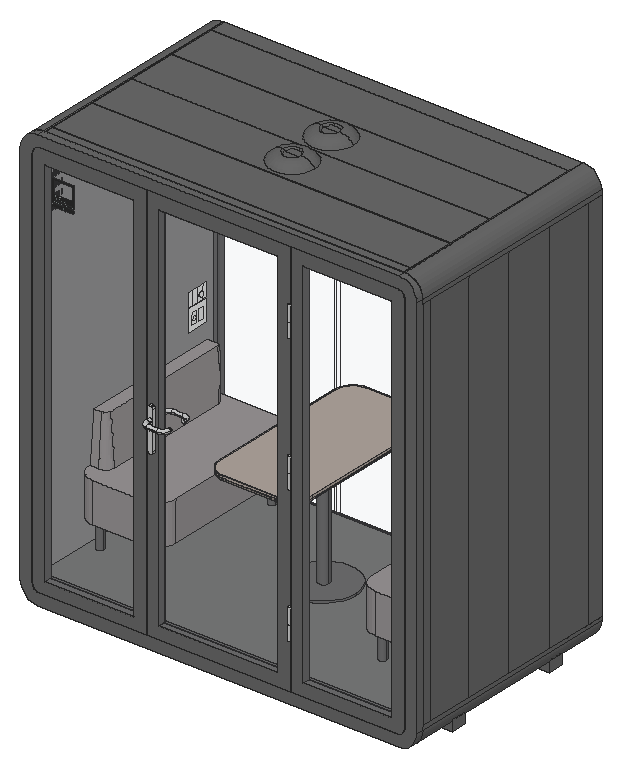
Revit family "MOTTO ML - black", category Entorno, Revit 2023
Family settings
  Se basa en plano de trabajo = No
  Siempre vertical = Sí
  Corte con vacíos al cargar = No
  Origen de apariencia de renderización = Geometría de familia
  Compartido = No
  Punto de cálculo de habitación = No
Parameters
  Altura = 0 mm
Reference planes
  plane 1 "Centro (Frontal/Posterior)": y = 0
  plane 2: z = 0
  plane 3 "Centro (Izquierda/Derecha)": x = 0
Dimensions and locks
  aligned and locked: level to plane 2
Nested families
  nested 1: "Motto ML" at (0, -140, 0), type "ML"
    with Width 2200 mm, White Panel Back (calc) no, Product Category "", OwnedBy "Bureau Spaces LLC", Length 1281 mm, Height 2300 mm, Glass Panel (by default) yes, Domino Black (calc) yes, Domino Black yes, CreatedBy "Bureau Spaces LLC", Cloud White (calc) no, Cloud White no, Black Panel Back (calc) no, BIM Content Publish Date "01.05.2025", BIM Content Copyright "Bureau Spaces LLC"
Definition of nested family "Motto ML"
  Parameters (values of type "ML")
    Width [instance] = 2200 mm
    White Panel Back (calc) [instance] = if([Glass Panel (by default)], 0 > 1, if([Cloud White (calc)], 1 > 0, if([Domino Black (calc)], 0 > 1, 0 > 1)))  # no
    URL = "https://mottobooths.com/products/motto-ml"
    Default Elevation = 0 mm
    Type Comments = "ML"
    Product Category [instance] = ""
    OwnedBy [instance] = "Bureau Spaces LLC"  # constant formula
    Model = "ML"
    Manufacturer = "Bureau Spaces LLC"  # constant formula
    Length [instance] = 1281 mm
    Height [instance] = 2300 mm
    Glass Panel (by default) [instance] = yes
    Domino Black (calc) [instance] = if(Cloud White, 0 > 1, if(Domino Black, 1 > 0, 0 > 1))  # no
    Domino Black [instance] = no
    Description = ""
    CreatedBy [instance] = "Bureau Spaces LLC"  # constant formula
    Cloud White (calc) [instance] = if(Cloud White, 1 > 0, if(Domino Black, 0 > 1, 1 > 0))  # yes
    Cloud White [instance] = yes
    Black Panel Back (calc) [instance] = if([Glass Panel (by default)], 0 > 1, if([Cloud White (calc)], 0 > 1, if([Domino Black (calc)], 1 > 0, 0 > 1)))  # no
    BIM Content Publish Revit Version = "Revit 2019.2"  # constant formula
    BIM Content Publish Date [instance] = "01.05.2025"  # constant formula
    BIM Content Copyright [instance] = "Bureau Spaces LLC"  # constant formula
  Reference planes
    plane 1 "Center (Front/Back)": y = 140
    plane 2: z = 0
    plane 3 "Center (Left/Right)": x = 0
    plane 4: z = 1150
    plane 5: z = 66
    plane 6: z = 2343.15
    plane 7: y = -500.6
    plane 8: y = 780.6
    plane 9: x = -1100
    plane 10: x = 1100
    plane 11: x = -1506.4
    plane 12: x = -918.8
    plane 13: y = -313.11
    plane 14: y = 230.426
  Forms (mm)
    Revolve 1, solid, visible <- "Cloud White (calc)"
      sketch origin (0, 10.45, 198.5) x (1, 0, 0) y (0, 0, 1)
        loop
          line (-43, 2143.15) -> (-23.534, 2143.15)
          arc (-23.534, 2143.15) -> (-16.641, 2159.791) -> (0, 2166.684) r 23.534
          line (0, 2166.684) -> (0, 2176.15) -> (-43, 2176.15) -> (-50, 2183.15)
          arc (-50, 2183.15) -> (-92.258, 2173.074) -> (-123.75, 2143.15) r 83.579
          line (-123.75, 2143.15) -> (-43, 2143.15)
        axis (0, 2183.15) -> (0, 2143.15)
      angle from 0 to 360
    Extrusion 2, solid, visible <- "Cloud White (calc)"
      sketch origin (0, -7.6, 0) x (1, 0, 0) y (0, 0, 1)
        loop
          arc (-1000, 2343.15) -> (-1070.711, 2313.861) -> (-1100, 2243.15) r 100
          line (-1100, 2243.15) -> (-1100, 100)
          arc (-1100, 100) -> (-1070.711, 29.289) -> (-1000, 0) r 100
          line (-1000, 0) -> (1000, 0)
          arc (1000, 0) -> (1070.711, 29.289) -> (1100, 100) r 100
          line (1100, 100) -> (1100, 2243.15)
          arc (1100, 2243.15) -> (1070.711, 2313.861) -> (1000, 2343.15) r 100
          line (1000, 2343.15) -> (-1000, 2343.15)
        loop
          arc (-994, 2277.15) -> (-1022.284, 2265.434) -> (-1034, 2237.15) r 40
          line (-1034, 2237.15) -> (-1034, 106)
          arc (-1034, 106) -> (-1022.284, 77.716) -> (-994, 66) r 40
          line (-994, 66) -> (994, 66)
          arc (994, 66) -> (1022.284, 77.716) -> (1034, 106) r 40
          line (1034, 106) -> (1034, 2237.15)
          arc (1034, 2237.15) -> (1022.284, 2265.434) -> (994, 2277.15) r 40
          line (994, 2277.15) -> (-994, 2277.15)
      from 453 to 493
    Extrusion 3, solid
      sketch origin (-36, -7.6, 0) x (1, 0, 0) y (0, 0, 1)
        loop
          line (-364, 66) -> (436, 66) -> (436, 2277.15) -> (-364, 2277.15) -> (-364, 66)
        loop
          line (-295, 133.345) -> (367, 133.345) -> (367, 2206.495) -> (-295, 2206.495) -> (-295, 133.345)
      from 453 to 493
    Extrusion 4, solid
      sketch origin (-35, -7.6, 0) x (1, 0, 0) y (0, 0, 1)
        loop
          line (-295, 2206.495) -> (-295, 133.345) -> (365, 133.345) -> (365, 2206.495) -> (-295, 2206.495)
      from 453 to 493
    Extrusion 5, solid
      sketch origin (34, -7.6, -8.5) x (1, 0, 0) y (0, 0, 1)
        loop
          arc (-415.56, 1007.975) -> (-400.56, 992.975) -> (-385.56, 1007.975) r 15
          line (-385.56, 1007.975) -> (-385.56, 1217.975)
          arc (-385.56, 1217.975) -> (-400.56, 1232.975) -> (-415.56, 1217.975) r 15
          line (-415.56, 1217.975) -> (-415.56, 1007.975)
      from 493 to 506
    Sweep 6, solid
      path origin (3802.85, -973.996, 1151.5) x (1, 0, 0) y (0, 1, 0)
        loop
          line (-4169.41, 460.396) -> (-4169.41, 436.165)
          arc (-4169.41, 436.165) -> (-4160.623, 414.951) -> (-4139.41, 406.165) r 30
          line (-4139.41, 406.165) -> (-4081.356, 406.165)
          arc (-4081.356, 406.165) -> (-4060.143, 414.951) -> (-4051.356, 436.165) r 30
          line (-4051.356, 436.165) -> (-4051.356, 445.144)
      profile origin (-366.56, -525.715, 1151.5) x (1, 0, 0) y (0, 0, 1)
        loop
          circle (0, 0) r 10
    Extrusion 7, solid
      sketch origin (0, 140, 0) x (1, 0, 0) y (0, 0, 1)
        loop
          line (-1034, 133.345) -> (-1034, 66) -> (1034, 66) -> (1034, 133.345) -> (-1034, 133.345)
      from -590.6 to 600.6
    Sweep 8, solid
      path origin (0, 0, 0) x (1, 0, 0) y (0, 1, 0)
        loop
          line (-1034, 740.6) -> (-1034, -460.6)
      profile origin (-1034, 140, 0) x (1, 0, 0) y (0, 0, 1)
        loop
          line (0, 133.345) -> (10, 133.345) -> (10, 2220.742) -> (0, 2220.742) -> (0, 133.345)
    Extrusion 9, solid, visible <- "Cloud White (calc)"
      sketch origin (0, 140, 2101.655) x (1, 0, 0) y (0, 0, 1)
        loop
          line (-1034, 176.495) -> (-1034, 109.15) -> (1034, 109.15) -> (1034, 176.495) -> (-1034, 176.495)
      from -600.6 to 600.6
    Extrusion 10, solid
      sketch origin (4232.528, -410.969, -247) x (0.707107, 0.707107, 0) y (-0.707107, 0.707107, 0)
        loop
          line (-2439.726, 3905.973) -> (-3004.28, 3341.419)
          arc (-3004.28, 3341.419) -> (-3033.569, 3270.709) -> (-3004.28, 3199.998) r 100
          line (-3004.28, 3199.998) -> (-2785.701, 2981.419)
          arc (-2785.701, 2981.419) -> (-2714.99, 2952.13) -> (-2644.28, 2981.419) r 100
          line (-2644.28, 2981.419) -> (-2079.726, 3545.973)
          arc (-2079.726, 3545.973) -> (-2049.968, 3617.815) -> (-2079.726, 3689.658) r 101.6
          line (-2079.726, 3689.658) -> (-2296.042, 3905.973)
          arc (-2296.042, 3905.973) -> (-2367.884, 3935.731) -> (-2439.726, 3905.973) r 101.6
      from 1060 to 1090
    Extrusion 11, solid
      sketch origin (0, 140, 69.518) x (1, 0, 0) y (0, 0, 1)
        loop
          line (-1035, 73.827) -> (-1035, 63.827) -> (1034, 63.827) -> (1034, 73.827) -> (-1035, 73.827)
      from -600.6 to 600.6
    Extrusion 12, void
      sketch origin (640, -48.081, -44) x (0, 1, 0) y (0, 0, 1)
        loop
          line (-345.519, 2190.382) -> (-345.519, 2165.382)
          arc (-345.519, 2165.382) -> (-338.019, 2157.882) -> (-330.519, 2165.382) r 7.5
          line (-330.519, 2165.382) -> (-330.519, 2190.382)
          arc (-330.519, 2190.382) -> (-338.019, 2197.882) -> (-345.519, 2190.382) r 7.5
        loop
          line (-325.519, 2190.382) -> (-325.519, 2165.382)
          arc (-325.519, 2165.382) -> (-318.019, 2157.882) -> (-310.519, 2165.382) r 7.5
          line (-310.519, 2165.382) -> (-310.519, 2190.382)
          arc (-310.519, 2190.382) -> (-318.019, 2197.882) -> (-325.519, 2190.382) r 7.5
        loop
          line (-305.519, 2190.382) -> (-305.519, 2165.382)
          arc (-305.519, 2165.382) -> (-298.019, 2157.882) -> (-290.519, 2165.382) r 7.5
          line (-290.519, 2165.382) -> (-290.519, 2190.382)
          arc (-290.519, 2190.382) -> (-298.019, 2197.882) -> (-305.519, 2190.382) r 7.5
        loop
          line (-285.519, 2190.382) -> (-285.519, 2165.382)
          arc (-285.519, 2165.382) -> (-278.019, 2157.882) -> (-270.519, 2165.382) r 7.5
          line (-270.519, 2165.382) -> (-270.519, 2190.382)
          arc (-270.519, 2190.382) -> (-278.019, 2197.882) -> (-285.519, 2190.382) r 7.5
        loop
          line (-265.519, 2190.382) -> (-265.519, 2165.382)
          arc (-265.519, 2165.382) -> (-258.019, 2157.882) -> (-250.519, 2165.382) r 7.5
          line (-250.519, 2165.382) -> (-250.519, 2190.382)
          arc (-250.519, 2190.382) -> (-258.019, 2197.882) -> (-265.519, 2190.382) r 7.5
        loop
          line (-345.519, 2135.382) -> (-345.519, 2110.382)
          arc (-345.519, 2110.382) -> (-338.019, 2102.882) -> (-330.519, 2110.382) r 7.5
          line (-330.519, 2110.382) -> (-330.519, 2135.382)
          arc (-330.519, 2135.382) -> (-338.019, 2142.882) -> (-345.519, 2135.382) r 7.5
        loop
          line (-325.519, 2135.382) -> (-325.519, 2110.382)
          arc (-325.519, 2110.382) -> (-318.019, 2102.882) -> (-310.519, 2110.382) r 7.5
          line (-310.519, 2110.382) -> (-310.519, 2135.382)
          arc (-310.519, 2135.382) -> (-318.019, 2142.882) -> (-325.519, 2135.382) r 7.5
        loop
          line (-305.519, 2135.382) -> (-305.519, 2110.382)
          arc (-305.519, 2110.382) -> (-298.019, 2102.882) -> (-290.519, 2110.382) r 7.5
          line (-290.519, 2110.382) -> (-290.519, 2135.382)
          arc (-290.519, 2135.382) -> (-298.019, 2142.882) -> (-305.519, 2135.382) r 7.5
        loop
          line (-285.519, 2135.382) -> (-285.519, 2110.382)
          arc (-285.519, 2110.382) -> (-278.019, 2102.882) -> (-270.519, 2110.382) r 7.5
          line (-270.519, 2110.382) -> (-270.519, 2135.382)
          arc (-270.519, 2135.382) -> (-278.019, 2142.882) -> (-285.519, 2135.382) r 7.5
        loop
          line (-265.519, 2135.382) -> (-265.519, 2110.382)
          arc (-265.519, 2110.382) -> (-258.019, 2102.882) -> (-250.519, 2110.382) r 7.5
          line (-250.519, 2110.382) -> (-250.519, 2135.382)
          arc (-250.519, 2135.382) -> (-258.019, 2142.882) -> (-265.519, 2135.382) r 7.5
        loop
          line (-345.519, 2080.382) -> (-345.519, 2055.382)
          arc (-345.519, 2055.382) -> (-338.019, 2047.882) -> (-330.519, 2055.382) r 7.5
          line (-330.519, 2055.382) -> (-330.519, 2080.382)
          arc (-330.519, 2080.382) -> (-338.019, 2087.882) -> (-345.519, 2080.382) r 7.5
        loop
          line (-325.519, 2080.382) -> (-325.519, 2055.382)
          arc (-325.519, 2055.382) -> (-318.019, 2047.882) -> (-310.519, 2055.382) r 7.5
          line (-310.519, 2055.382) -> (-310.519, 2080.382)
          arc (-310.519, 2080.382) -> (-318.019, 2087.882) -> (-325.519, 2080.382) r 7.5
        loop
          line (-305.519, 2080.382) -> (-305.519, 2055.382)
          arc (-305.519, 2055.382) -> (-298.019, 2047.882) -> (-290.519, 2055.382) r 7.5
          line (-290.519, 2055.382) -> (-290.519, 2080.382)
          arc (-290.519, 2080.382) -> (-298.019, 2087.882) -> (-305.519, 2080.382) r 7.5
        loop
          line (-285.519, 2080.382) -> (-285.519, 2055.382)
          arc (-285.519, 2055.382) -> (-278.019, 2047.882) -> (-270.519, 2055.382) r 7.5
          line (-270.519, 2055.382) -> (-270.519, 2080.382)
          arc (-270.519, 2080.382) -> (-278.019, 2087.882) -> (-285.519, 2080.382) r 7.5
        loop
          line (-265.519, 2080.382) -> (-265.519, 2055.382)
          arc (-265.519, 2055.382) -> (-258.019, 2047.882) -> (-250.519, 2055.382) r 7.5
          line (-250.519, 2055.382) -> (-250.519, 2080.382)
          arc (-250.519, 2080.382) -> (-258.019, 2087.882) -> (-265.519, 2080.382) r 7.5
        loop
          line (-345.519, 2025.382) -> (-345.519, 2000.382)
          arc (-345.519, 2000.382) -> (-338.019, 1992.882) -> (-330.519, 2000.382) r 7.5
          line (-330.519, 2000.382) -> (-330.519, 2025.382)
          arc (-330.519, 2025.382) -> (-338.019, 2032.882) -> (-345.519, 2025.382) r 7.5
        loop
          line (-325.519, 2025.382) -> (-325.519, 2000.382)
          arc (-325.519, 2000.382) -> (-318.019, 1992.882) -> (-310.519, 2000.382) r 7.5
          line (-310.519, 2000.382) -> (-310.519, 2025.382)
          arc (-310.519, 2025.382) -> (-318.019, 2032.882) -> (-325.519, 2025.382) r 7.5
        loop
          line (-305.519, 2025.382) -> (-305.519, 2000.382)
          arc (-305.519, 2000.382) -> (-298.019, 1992.882) -> (-290.519, 2000.382) r 7.5
          line (-290.519, 2000.382) -> (-290.519, 2025.382)
          arc (-290.519, 2025.382) -> (-298.019, 2032.882) -> (-305.519, 2025.382) r 7.5
        loop
          line (-285.519, 2025.382) -> (-285.519, 2000.382)
          arc (-285.519, 2000.382) -> (-278.019, 1992.882) -> (-270.519, 2000.382) r 7.5
          line (-270.519, 2000.382) -> (-270.519, 2025.382)
          arc (-270.519, 2025.382) -> (-278.019, 2032.882) -> (-285.519, 2025.382) r 7.5
        loop
          line (-265.519, 2025.382) -> (-265.519, 2000.382)
          arc (-265.519, 2000.382) -> (-258.019, 1992.882) -> (-250.519, 2000.382) r 7.5
          line (-250.519, 2000.382) -> (-250.519, 2025.382)
          arc (-250.519, 2025.382) -> (-258.019, 2032.882) -> (-265.519, 2025.382) r 7.5
        loop
          line (-345.519, 1970.382) -> (-345.519, 1945.382)
          arc (-345.519, 1945.382) -> (-338.019, 1937.882) -> (-330.519, 1945.382) r 7.5
          line (-330.519, 1945.382) -> (-330.519, 1970.382)
          arc (-330.519, 1970.382) -> (-338.019, 1977.882) -> (-345.519, 1970.382) r 7.5
        loop
          line (-325.519, 1970.382) -> (-325.519, 1945.382)
          arc (-325.519, 1945.382) -> (-318.019, 1937.882) -> (-310.519, 1945.382) r 7.5
          line (-310.519, 1945.382) -> (-310.519, 1970.382)
          arc (-310.519, 1970.382) -> (-318.019, 1977.882) -> (-325.519, 1970.382) r 7.5
        loop
          line (-305.519, 1970.382) -> (-305.519, 1945.382)
          arc (-305.519, 1945.382) -> (-298.019, 1937.882) -> (-290.519, 1945.382) r 7.5
          line (-290.519, 1945.382) -> (-290.519, 1970.382)
          arc (-290.519, 1970.382) -> (-298.019, 1977.882) -> (-305.519, 1970.382) r 7.5
        loop
          line (-285.519, 1970.382) -> (-285.519, 1945.382)
          arc (-285.519, 1945.382) -> (-278.019, 1937.882) -> (-270.519, 1945.382) r 7.5
          line (-270.519, 1945.382) -> (-270.519, 1970.382)
          arc (-270.519, 1970.382) -> (-278.019, 1977.882) -> (-285.519, 1970.382) r 7.5
        loop
          line (-265.519, 1970.382) -> (-265.519, 1945.382)
          arc (-265.519, 1945.382) -> (-258.019, 1937.882) -> (-250.519, 1945.382) r 7.5
          line (-250.519, 1945.382) -> (-250.519, 1970.382)
          arc (-250.519, 1970.382) -> (-258.019, 1977.882) -> (-265.519, 1970.382) r 7.5
      from -1814.577 to 561
    Extrusion 13, solid, visible <- "Cloud White (calc)"
      sketch origin (0, 21.645, 0) x (1, 0, 0) y (0, 0, 1)
        loop
          line (-1090.921, 58.367) -> (-1090.921, -6.709) -> (-963.421, -6.709) -> (-963.421, 0) -> (-1000, 0)
          arc (-1000, 0) -> (-1054.022, 15.847) -> (-1090.921, 58.367) r 100
        loop
          arc (1090.921, 58.367) -> (1054.022, 15.847) -> (1000, 0) r 100
          line (1000, 0) -> (963.421, 0) -> (963.421, -6.709) -> (1090.921, -6.709) -> (1090.921, 58.367)
      from 175.645 to 258.645
    Sweep 14, void
      path origin (-1248.157, -498.753, 0) x (0.707107, -0.707107, 0) y (0.707107, 0.707107, 0)
        loop
          line (-92.616, 1497.778) -> (471.938, 933.224)
          arc (471.938, 933.224) -> (542.648, 903.934) -> (613.359, 933.224) r 100
          line (613.359, 933.224) -> (831.938, 1151.802)
          arc (831.938, 1151.802) -> (861.227, 1222.513) -> (831.938, 1293.224) r 100
          line (831.938, 1293.224) -> (267.384, 1857.778)
          arc (267.384, 1857.778) -> (196.673, 1887.067) -> (125.962, 1857.778) r 100
          line (125.962, 1857.778) -> (-92.616, 1639.199)
          arc (-92.616, 1639.199) -> (-121.906, 1568.488) -> (-92.616, 1497.778) r 100
      profile origin (-254.558, 226.625, 0) x (1, 0, 0) y (0, 0, 1)
        loop
          line (0, 851.781) -> (-16.25, 851.781) -> (-16.25, 805.531) -> (20, 805.531) -> (20, 811.781)
          arc (20, 811.781) -> (5.858, 817.639) -> (0, 831.781) r 20
          line (0, 831.781) -> (0, 851.781)
    Extrusion 15, solid
      sketch origin (-827, -7.6, 0) x (-1, 0, 0) y (0, 0, -1)
        loop
          line (-427, -66) -> (-427, -2277.15) -> (166.955, -2277.15)
          arc (166.955, -2277.15) -> (195.271, -2265.421) -> (207, -2237.105) r 40.045
          line (207, -2237.105) -> (207, -105.899)
          arc (207, -105.899) -> (195.314, -77.686) -> (167.101, -66) r 39.899
          line (167.101, -66) -> (-427, -66)
        loop
          line (-357, -133.345) -> (-357, -2206.495) -> (137, -2206.495) -> (137, -133.345) -> (-357, -133.345)
        loop
          line (-1227, -66) -> (-1821.101, -66)
          arc (-1821.101, -66) -> (-1849.314, -77.686) -> (-1861, -105.899) r 39.899
          line (-1861, -105.899) -> (-1861, -2237.105)
          arc (-1861, -2237.105) -> (-1849.271, -2265.421) -> (-1820.955, -2277.15) r 40.045
          line (-1820.955, -2277.15) -> (-1227, -2277.15) -> (-1227, -66)
        loop
          line (-1297, -133.345) -> (-1791, -133.345) -> (-1791, -2206.495) -> (-1297, -2206.495) -> (-1297, -133.345)
      from 453 to 493
    Extrusion 16, solid
      sketch origin (-2798.55, 455.495, 145.853) x (-1, 0, 0) y (0, -1, 0)
        loop
          line (-2154.55, -275.105) -> (-1774.55, -275.105) -> (-1774.55, 570.095)
          arc (-1774.55, 570.095) -> (-1803.84, 640.806) -> (-1874.55, 670.095) r 100
          line (-1874.55, 670.095) -> (-2154.55, 670.095)
          arc (-2154.55, 670.095) -> (-2225.261, 640.806) -> (-2254.55, 570.095) r 100
          line (-2254.55, 570.095) -> (-2254.55, -175.105)
          arc (-2254.55, -175.105) -> (-2225.261, -245.816) -> (-2154.55, -275.105) r 100
      from 157.492 to 377.492
    Revolve 17, solid, visible <- "Cloud White (calc)"
      sketch origin (0, 279.7, 198.5) x (1, 0, 0) y (0, 0, -1)
        loop
          line (-43, -2143.15) -> (-123.75, -2143.15)
          arc (-123.75, -2143.15) -> (-92.258, -2173.074) -> (-50, -2183.15) r 83.579
          line (-50, -2183.15) -> (-43, -2176.15) -> (0, -2176.15) -> (0, -2166.684)
          arc (0, -2166.684) -> (-16.641, -2159.791) -> (-23.534, -2143.15) r 23.534
          line (-23.534, -2143.15) -> (-43, -2143.15)
        axis (0, -2183.15) -> (0, -2143.15)
      angle from 0 to 360
    Extrusion 18, solid, visible <- "Cloud White (calc)"
      sketch origin (0, 692.645, 0) x (1, 0, 0) y (0, 0, 1)
        loop
          line (-1090.921, 58.367) -> (-1090.921, -6.709) -> (-963.421, -6.709) -> (-963.421, 0) -> (-1000, 0)
          arc (-1000, 0) -> (-1054.022, 15.847) -> (-1090.921, 58.367) r 100
        loop
          arc (1090.921, 58.367) -> (1054.022, 15.847) -> (1000, 0) r 100
          line (1000, 0) -> (963.421, 0) -> (963.421, -6.709) -> (1090.921, -6.709) -> (1090.921, 58.367)
      from 175.645 to 258.645
    Extrusion 19, solid
      sketch origin (3102.453, 15.6, 43.15) x (1, 0, 0) y (0, 1, 0)
        loop
          arc (-3222.453, 9.4) -> (-3220.988, 5.864) -> (-3217.453, 4.4) r 5
          line (-3217.453, 4.4) -> (-2987.453, 4.4)
          arc (-2987.453, 4.4) -> (-2983.917, 5.864) -> (-2982.453, 9.4) r 5
          line (-2982.453, 9.4) -> (-2982.453, 239.4)
          arc (-2982.453, 239.4) -> (-2983.917, 242.936) -> (-2987.453, 244.4) r 5
          line (-2987.453, 244.4) -> (-3217.453, 244.4)
          arc (-3217.453, 244.4) -> (-3220.988, 242.936) -> (-3222.453, 239.4) r 5
          line (-3222.453, 239.4) -> (-3222.453, 9.4)
      from 2155 to 2167.655
    Extrusion 20, solid
      sketch origin (-835, -7.6, 0) x (1, 0, 0) y (0, 0, 1)
        loop
          line (-129, 2206.495) -> (-129, 133.345) -> (365, 133.345) -> (365, 2206.495) -> (-129, 2206.495)
      from 453 to 493
    Extrusion 21, solid
      sketch origin (835, -7.6, 0) x (-1, 0, 0) y (0, 0, -1)
        loop
          line (-129, -2206.495) -> (365, -2206.495) -> (365, -133.345) -> (-129, -133.345) -> (-129, -2206.495)
      from 453 to 493
    Extrusion 22, solid
      sketch origin (0, 0, 61.685) x (1, 0, 0) y (0, 1, 0)
        loop
          line (-924, -64.6) -> (-924, 645.733)
          arc (-924, 645.733) -> (-938.645, 681.089) -> (-974, 695.733) r 50
          line (-974, 695.733) -> (-1024, 695.733) -> (-1024, -114.6) -> (-974, -114.6)
          arc (-974, -114.6) -> (-938.645, -99.955) -> (-924, -64.6) r 50
      from 461.66 to 731.66
    Sweep 23, void
      path origin (0, -25, 523.345) x (1, 0, 0) y (0, 1, 0)
        loop
          line (-1024, -89.6) -> (-974, -89.6)
          arc (-974, -89.6) -> (-938.645, -74.955) -> (-924, -39.6) r 50
          line (-924, -39.6) -> (-924, 705.6)
          arc (-924, 705.6) -> (-938.645, 740.955) -> (-974, 755.6) r 50
          line (-974, 755.6) -> (-1024, 755.6)
      profile origin (-938.645, -99.955, 523.345) x (-0.707107, 0.707107, 0) y (0, 0, 1)
        loop
          line (0, 0) -> (25, 270) -> (-5.086, 270) -> (-30.086, 0) -> (0, 0)
    Extrusion 24, solid
      sketch origin (0, 170.426, 0) x (1, 0, 0) y (0, 1, 0)
        loop
          circle (0, 60) r 30
      from 153.345 to 813
    Extrusion 25, solid
      sketch origin (0, 170.426, -661.088) x (1, 0, 0) y (0, 1, 0)
        loop
          circle (0, 60) r 177.8
      from 804.433 to 814.433
    Extrusion 26, solid
      sketch origin (0, -613, 0) x (1, 0, 0) y (0, 0, 1)
        loop
          line (-1024, 2210.805) -> (-1024, 2190.805) -> (-1004, 2190.805) -> (-1004, 2210.805) -> (-1024, 2210.805)
        loop
          line (1024, 2210.805) -> (1004, 2210.805) -> (1004, 2190.805) -> (1024, 2190.805) -> (1024, 2210.805)
      from -1353.6 to -152.4
    Extrusion 27, solid
      sketch origin (2798.55, 455.495, -74.147) x (1, 0, 0) y (0, 1, 0)
        loop
          circle (-2181.176, -587.264) r 20
        loop
          circle (-2181.176, 187.936) r 20
        loop
          circle (-1847.925, -587.264) r 20
        loop
          circle (-1847.925, 187.936) r 20
        loop
          circle (-3415.925, -587.264) r 20
        loop
          circle (-3415.925, 187.936) r 20
        loop
          circle (-3749.176, -587.264) r 20
        loop
          circle (-3749.176, 187.936) r 20
      from 217.492 to 377.492
    Extrusion 28, solid, visible <- "Cloud White (calc)"
      sketch origin (-1534, -995.644, 0) x (-1, 0, 0) y (0, -1, 0)
        loop
          line (-501, -860.217) -> (-434, -860.217) -> (-434, -585.044) -> (-501, -585.044) -> (-501, -860.217)
      from 122.408 to 2220.742
    Extrusion 29, solid, visible <- "Cloud White (calc)"
      sketch origin (-600, 180, 0) x (1, 0, 0) y (0, 0, 1)
        loop
          line (-395, 2278.15) -> (-395, 2343.15) -> (-400, 2343.15)
          arc (-400, 2343.15) -> (-470.711, 2313.861) -> (-500, 2243.15) r 100
          line (-500, 2243.15) -> (-500, 2220.742) -> (-435, 2220.742) -> (-435, 2238.15)
          arc (-435, 2238.15) -> (-423.284, 2266.434) -> (-395, 2278.15) r 40
        loop
          arc (1595, 2278.15) -> (1623.284, 2266.434) -> (1635, 2238.15) r 40
          line (1635, 2238.15) -> (1635, 2220.742) -> (1700, 2220.742) -> (1700, 2243.15)
          arc (1700, 2243.15) -> (1670.711, 2313.861) -> (1600, 2343.15) r 100
          line (1600, 2343.15) -> (1595, 2343.15) -> (1595, 2278.15)
        loop
          arc (-395, 65) -> (-423.284, 76.716) -> (-435, 105) r 40
          line (-435, 105) -> (-435, 122.408) -> (-500, 122.408) -> (-500, 100)
          arc (-500, 100) -> (-470.711, 29.289) -> (-400, 0) r 100
          line (-400, 0) -> (-395, 0) -> (-395, 65)
        loop
          line (1595, 65) -> (1595, 0) -> (1600, 0)
          arc (1600, 0) -> (1670.711, 29.289) -> (1700, 100) r 100
          line (1700, 100) -> (1700, 122.408) -> (1635, 122.408) -> (1635, 105)
          arc (1635, 105) -> (1623.284, 76.716) -> (1595, 65) r 40
      from -600.6 to 640.6
    Extrusion 30, solid, visible <- "Cloud White (calc)"
      sketch origin (1534, -995.644, 0) x (1, 0, 0) y (0, 1, 0)
        loop
          line (-501, 860.217) -> (-501, 585.044) -> (-434, 585.044) -> (-434, 860.217) -> (-501, 860.217)
      from 122.408 to 2220.742
    Extrusion 31, solid, visible <- "Cloud White (calc)"
      sketch origin (-1534, 418.664, 0) x (-1, 0, 0) y (0, -1, 0)
        loop
          line (-501, -361.936) -> (-434, -361.936) -> (-434, -272.573) -> (-501, -272.573) -> (-501, -361.936)
      from 122.408 to 2220.742
    Extrusion 32, solid, visible <- "Cloud White (calc)"
      sketch origin (-1534, -1276.844, 0) x (-1, 0, 0) y (0, -1, 0)
        loop
          line (-501, -866.244) -> (-434, -866.244) -> (-434, -816.244) -> (-501, -816.244) -> (-501, -866.244)
      from 122.408 to 2220.742
    Extrusion 33, solid, visible <- "Cloud White (calc)"
      sketch origin (1389, -251.882, 43.15) x (1, 0, 0) y (0, 1, 0)
        loop
          line (-394, 116.455) -> (-2384, 116.455) -> (-2384, -159.1) -> (-394, -159.1) -> (-394, 116.455)
      from 2235 to 2300
    Extrusion 34, solid, visible <- "Cloud White (calc)"
      sketch origin (1389, 1154.755, 43.15) x (1, 0, 0) y (0, 1, 0)
        loop
          line (-394, -374.155) -> (-2384, -374.155) -> (-2384, -463.9) -> (-394, -463.9) -> (-394, -374.155)
      from 2235 to 2300
    Extrusion 35, solid, visible <- "Cloud White (calc)"
      sketch origin (1534, 418.664, 0) x (1, 0, 0) y (0, 1, 0)
        loop
          line (-501, 361.936) -> (-501, 272.573) -> (-434, 272.573) -> (-434, 361.936) -> (-501, 361.936)
      from 122.408 to 2220.742
    Extrusion 36, solid, visible <- "Cloud White (calc)"
      sketch origin (1534, -1276.844, 0) x (1, 0, 0) y (0, 1, 0)
        loop
          line (-501, 866.244) -> (-501, 816.244) -> (-434, 816.244) -> (-434, 866.244) -> (-501, 866.244)
      from 122.408 to 2220.742
    Sweep 37, solid
      path origin (0, -3.175, 0) x (1, 0, 0) y (0, 1, 0)
        loop
          line (-254.558, 630.251) -> (-254.558, -169.4)
          arc (-254.558, -169.4) -> (-225.269, -240.111) -> (-154.558, -269.4) r 100
          line (-154.558, -269.4) -> (154.558, -269.4)
          arc (154.558, -269.4) -> (225.269, -240.111) -> (254.558, -169.4) r 100
          line (254.558, -169.4) -> (254.558, 630.251)
          arc (254.558, 630.251) -> (225.269, 700.962) -> (154.558, 730.251) r 100
          line (154.558, 730.251) -> (-154.558, 730.251)
          arc (-154.558, 730.251) -> (-225.269, 700.962) -> (-254.558, 630.251) r 100
      profile origin (-254.558, 227.251, 0) x (1, 0, 0) y (0, 0, 1)
        loop
          line (0, 831.781) -> (0, 843) -> (-2, 843) -> (-2, 831.781)
          arc (-2, 831.781) -> (2.178, 818.883) -> (13.125, 810.883) r 22
          line (13.125, 810.883) -> (13.125, 813)
          arc (13.125, 813) -> (3.606, 820.325) -> (0, 831.781) r 20
    Extrusion 38, solid, visible <- "Glass Panel (by default)"
      sketch origin (-87.057, 219.156, 0) x (-1, 0, 0) y (0, -1, 0)
        loop
          line (-1082.057, -561.444) -> (-434, -561.444) -> (-434, -521.444) -> (-1082.057, -521.444) -> (-1082.057, -561.444)
      from 122.408 to 2220.742
    Extrusion 39, solid, visible <- "Glass Panel (by default)"
      sketch origin (-710.057, 219.156, 0) x (-1, 0, 0) y (0, -1, 0)
        loop
          line (-1057, -561.444) -> (-363.115, -561.444) -> (-363.115, -521.444) -> (-1057, -521.444) -> (-1057, -561.444)
      from 122.408 to 2220.742
    Extrusion 40, solid, visible <- "Glass Panel (by default)"
      sketch origin (-1403.943, 219.156, 0) x (-1, 0, 0) y (0, -1, 0)
        loop
          line (-1057, -561.444) -> (-408.943, -561.444) -> (-408.943, -536.444) -> (-1057, -536.444) -> (-1057, -561.444)
      from 122.408 to 2220.742
    Extrusion 41, solid, visible <- "Cloud White (calc)"
      sketch origin (0, -12.4, 0) x (1, 0, 0) y (0, 0, 1)
        loop
          line (995, 2278.15) -> (-995, 2278.15)
          arc (-995, 2278.15) -> (-1023.284, 2266.434) -> (-1035, 2238.15) r 40
          line (-1035, 2238.15) -> (-1035, 105)
          arc (-1035, 105) -> (-1026.269, 80.055) -> (-1003.888, 66) r 40
          line (-1003.888, 66) -> (1003.888, 66)
          arc (1003.888, 66) -> (1026.269, 80.055) -> (1035, 105) r 40
          line (1035, 105) -> (1035, 2238.15)
          arc (1035, 2238.15) -> (1023.284, 2266.434) -> (995, 2278.15) r 40
        loop
          line (995, 2220.742) -> (-995, 2220.742) -> (-995, 122.408) -> (995, 122.408) -> (995, 2220.742)
      from -793 to -753
    Extrusion 42, solid, visible <- "Cloud White (calc)"
      sketch origin (1389, 1154.755, -2233.987) x (0, -1, 0) y (1, 0, 0)
        loop
          line (374.155, -394) -> (374.155, -2384) -> (463.9, -2384) -> (463.9, -394) -> (374.155, -394)
      from 2233.987 to 2300
    Extrusion 43, solid, visible <- "Cloud White (calc)"
      sketch origin (1389, -341.627, -2233.987) x (0, -1, 0) y (1, 0, 0)
        loop
          line (69.355, -394) -> (69.355, -2384) -> (118.973, -2384) -> (118.973, -394) -> (69.355, -394)
      from 2233.987 to 2300
    Extrusion 44, solid
      sketch origin (-172, -253.273, -31.411) x (1, 0, 0) y (0, 1, 0)
        loop
          circle (572, -255.327) r 8
      from 1862.49 to 1944.105
    Extrusion 45, solid
      sketch origin (-172, -253.273, 50.203) x (1, 0, 0) y (0, 1, 0)
        loop
          circle (572, -255.327) r 8
      from 1862.49 to 1944.105
    Extrusion 46, solid
      sketch origin (-172, -253.273, -784.395) x (1, 0, 0) y (0, 1, 0)
        loop
          circle (572, -255.327) r 8
      from 1862.49 to 1944.105
    Extrusion 47, solid
      sketch origin (-172, -253.273, -702.78) x (1, 0, 0) y (0, 1, 0)
        loop
          circle (572, -255.327) r 8
      from 1862.49 to 1944.105
    Extrusion 48, solid
      sketch origin (-172, -253.273, -1536.895) x (1, 0, 0) y (0, 1, 0)
        loop
          circle (572, -255.327) r 8
      from 1862.49 to 1944.105
    Extrusion 49, solid
      sketch origin (-172, -253.273, -1455.28) x (1, 0, 0) y (0, 1, 0)
        loop
          circle (572, -255.327) r 8
      from 1862.49 to 1944.105
    Extrusion 50, solid
      sketch origin (0, 0, 43.15) x (1, 0, 0) y (0, 1, 0)
        loop
          line (-115, 20) -> (115, 20)
          arc (115, 20) -> (118.536, 21.464) -> (120, 25) r 5
          line (120, 25) -> (120, 255)
          arc (120, 255) -> (118.536, 258.536) -> (115, 260) r 5
          line (115, 260) -> (-115, 260)
          arc (-115, 260) -> (-118.536, 258.536) -> (-120, 255) r 5
          line (-120, 255) -> (-120, 25)
          arc (-120, 25) -> (-118.536, 21.464) -> (-115, 20) r 5
        loop
          line (115, 265) -> (-115, 265)
          arc (-115, 265) -> (-122.071, 262.071) -> (-125, 255) r 10
          line (-125, 255) -> (-125, 25)
          arc (-125, 25) -> (-122.071, 17.929) -> (-115, 15) r 10
          line (-115, 15) -> (115, 15)
          arc (115, 15) -> (122.071, 17.929) -> (125, 25) r 10
          line (125, 25) -> (125, 255)
          arc (125, 255) -> (122.071, 262.071) -> (115, 265) r 10
      from 2155 to 2167.655
    Extrusion 51, void
      sketch origin (0, 562.847, 0) x (-1, 0, 0) y (0, -1, 0)
        loop
          line (408.067, 324.134) -> (433.067, 324.134)
          arc (433.067, 324.134) -> (440.567, 331.634) -> (433.067, 339.134) r 7.5
          line (433.067, 339.134) -> (408.067, 339.134)
          arc (408.067, 339.134) -> (400.567, 331.634) -> (408.067, 324.134) r 7.5
        loop
          line (408.067, 304.134) -> (433.067, 304.134)
          arc (433.067, 304.134) -> (440.567, 311.634) -> (433.067, 319.134) r 7.5
          line (433.067, 319.134) -> (408.067, 319.134)
          arc (408.067, 319.134) -> (400.567, 311.634) -> (408.067, 304.134) r 7.5
        loop
          line (408.067, 284.134) -> (433.067, 284.134)
          arc (433.067, 284.134) -> (440.567, 291.634) -> (433.067, 299.134) r 7.5
          line (433.067, 299.134) -> (408.067, 299.134)
          arc (408.067, 299.134) -> (400.567, 291.634) -> (408.067, 284.134) r 7.5
        loop
          line (408.067, 264.134) -> (433.067, 264.134)
          arc (433.067, 264.134) -> (440.567, 271.634) -> (433.067, 279.134) r 7.5
          line (433.067, 279.134) -> (408.067, 279.134)
          arc (408.067, 279.134) -> (400.567, 271.634) -> (408.067, 264.134) r 7.5
        loop
          line (408.067, 244.134) -> (433.067, 244.134)
          arc (433.067, 244.134) -> (440.567, 251.634) -> (433.067, 259.134) r 7.5
          line (433.067, 259.134) -> (408.067, 259.134)
          arc (408.067, 259.134) -> (400.567, 251.634) -> (408.067, 244.134) r 7.5
        loop
          line (463.067, 324.134) -> (488.067, 324.134)
          arc (488.067, 324.134) -> (495.567, 331.634) -> (488.067, 339.134) r 7.5
          line (488.067, 339.134) -> (463.067, 339.134)
          arc (463.067, 339.134) -> (455.567, 331.634) -> (463.067, 324.134) r 7.5
        loop
          line (463.067, 304.134) -> (488.067, 304.134)
          arc (488.067, 304.134) -> (495.567, 311.634) -> (488.067, 319.134) r 7.5
          line (488.067, 319.134) -> (463.067, 319.134)
          arc (463.067, 319.134) -> (455.567, 311.634) -> (463.067, 304.134) r 7.5
        loop
          line (463.067, 284.134) -> (488.067, 284.134)
          arc (488.067, 284.134) -> (495.567, 291.634) -> (488.067, 299.134) r 7.5
          line (488.067, 299.134) -> (463.067, 299.134)
          arc (463.067, 299.134) -> (455.567, 291.634) -> (463.067, 284.134) r 7.5
        loop
          line (463.067, 264.134) -> (488.067, 264.134)
          arc (488.067, 264.134) -> (495.567, 271.634) -> (488.067, 279.134) r 7.5
          line (488.067, 279.134) -> (463.067, 279.134)
          arc (463.067, 279.134) -> (455.567, 271.634) -> (463.067, 264.134) r 7.5
        loop
          line (463.067, 244.134) -> (488.067, 244.134)
          arc (488.067, 244.134) -> (495.567, 251.634) -> (488.067, 259.134) r 7.5
          line (488.067, 259.134) -> (463.067, 259.134)
          arc (463.067, 259.134) -> (455.567, 251.634) -> (463.067, 244.134) r 7.5
        loop
          line (518.067, 324.134) -> (543.067, 324.134)
          arc (543.067, 324.134) -> (550.567, 331.634) -> (543.067, 339.134) r 7.5
          line (543.067, 339.134) -> (518.067, 339.134)
          arc (518.067, 339.134) -> (510.567, 331.634) -> (518.067, 324.134) r 7.5
        loop
          line (518.067, 304.134) -> (543.067, 304.134)
          arc (543.067, 304.134) -> (550.567, 311.634) -> (543.067, 319.134) r 7.5
          line (543.067, 319.134) -> (518.067, 319.134)
          arc (518.067, 319.134) -> (510.567, 311.634) -> (518.067, 304.134) r 7.5
        loop
          line (518.067, 284.134) -> (543.067, 284.134)
          arc (543.067, 284.134) -> (550.567, 291.634) -> (543.067, 299.134) r 7.5
          line (543.067, 299.134) -> (518.067, 299.134)
          arc (518.067, 299.134) -> (510.567, 291.634) -> (518.067, 284.134) r 7.5
        loop
          line (518.067, 264.134) -> (543.067, 264.134)
          arc (543.067, 264.134) -> (550.567, 271.634) -> (543.067, 279.134) r 7.5
          line (543.067, 279.134) -> (518.067, 279.134)
          arc (518.067, 279.134) -> (510.567, 271.634) -> (518.067, 264.134) r 7.5
        loop
          line (518.067, 244.134) -> (543.067, 244.134)
          arc (543.067, 244.134) -> (550.567, 251.634) -> (543.067, 259.134) r 7.5
          line (543.067, 259.134) -> (518.067, 259.134)
          arc (518.067, 259.134) -> (510.567, 251.634) -> (518.067, 244.134) r 7.5
        loop
          line (573.067, 324.134) -> (598.067, 324.134)
          arc (598.067, 324.134) -> (605.567, 331.634) -> (598.067, 339.134) r 7.5
          line (598.067, 339.134) -> (573.067, 339.134)
          arc (573.067, 339.134) -> (565.567, 331.634) -> (573.067, 324.134) r 7.5
        loop
          line (573.067, 304.134) -> (598.067, 304.134)
          arc (598.067, 304.134) -> (605.567, 311.634) -> (598.067, 319.134) r 7.5
          line (598.067, 319.134) -> (573.067, 319.134)
          arc (573.067, 319.134) -> (565.567, 311.634) -> (573.067, 304.134) r 7.5
        loop
          line (573.067, 284.134) -> (598.067, 284.134)
          arc (598.067, 284.134) -> (605.567, 291.634) -> (598.067, 299.134) r 7.5
          line (598.067, 299.134) -> (573.067, 299.134)
          arc (573.067, 299.134) -> (565.567, 291.634) -> (573.067, 284.134) r 7.5
        loop
          line (573.067, 264.134) -> (598.067, 264.134)
          arc (598.067, 264.134) -> (605.567, 271.634) -> (598.067, 279.134) r 7.5
          line (598.067, 279.134) -> (573.067, 279.134)
          arc (573.067, 279.134) -> (565.567, 271.634) -> (573.067, 264.134) r 7.5
        loop
          line (573.067, 244.134) -> (598.067, 244.134)
          arc (598.067, 244.134) -> (605.567, 251.634) -> (598.067, 259.134) r 7.5
          line (598.067, 259.134) -> (573.067, 259.134)
          arc (573.067, 259.134) -> (565.567, 251.634) -> (573.067, 244.134) r 7.5
        loop
          line (628.067, 324.134) -> (653.067, 324.134)
          arc (653.067, 324.134) -> (660.567, 331.634) -> (653.067, 339.134) r 7.5
          line (653.067, 339.134) -> (628.067, 339.134)
          arc (628.067, 339.134) -> (620.567, 331.634) -> (628.067, 324.134) r 7.5
        loop
          line (628.067, 304.134) -> (653.067, 304.134)
          arc (653.067, 304.134) -> (660.567, 311.634) -> (653.067, 319.134) r 7.5
          line (653.067, 319.134) -> (628.067, 319.134)
          arc (628.067, 319.134) -> (620.567, 311.634) -> (628.067, 304.134) r 7.5
        loop
          line (628.067, 284.134) -> (653.067, 284.134)
          arc (653.067, 284.134) -> (660.567, 291.634) -> (653.067, 299.134) r 7.5
          line (653.067, 299.134) -> (628.067, 299.134)
          arc (628.067, 299.134) -> (620.567, 291.634) -> (628.067, 284.134) r 7.5
        loop
          line (628.067, 264.134) -> (653.067, 264.134)
          arc (653.067, 264.134) -> (660.567, 271.634) -> (653.067, 279.134) r 7.5
          line (653.067, 279.134) -> (628.067, 279.134)
          arc (628.067, 279.134) -> (620.567, 271.634) -> (628.067, 264.134) r 7.5
        loop
          line (628.067, 244.134) -> (653.067, 244.134)
          arc (653.067, 244.134) -> (660.567, 251.634) -> (653.067, 259.134) r 7.5
          line (653.067, 259.134) -> (628.067, 259.134)
          arc (628.067, 259.134) -> (620.567, 251.634) -> (628.067, 244.134) r 7.5
        loop
          arc (-408.246, 324.134) -> (-400.746, 331.634) -> (-408.246, 339.134) r 7.5
          line (-408.246, 339.134) -> (-433.246, 339.134)
          arc (-433.246, 339.134) -> (-440.746, 331.634) -> (-433.246, 324.134) r 7.5
          line (-433.246, 324.134) -> (-408.246, 324.134)
        loop
          arc (-408.246, 304.134) -> (-400.746, 311.634) -> (-408.246, 319.134) r 7.5
          line (-408.246, 319.134) -> (-433.246, 319.134)
          arc (-433.246, 319.134) -> (-440.746, 311.634) -> (-433.246, 304.134) r 7.5
          line (-433.246, 304.134) -> (-408.246, 304.134)
        loop
          arc (-408.246, 284.134) -> (-400.746, 291.634) -> (-408.246, 299.134) r 7.5
          line (-408.246, 299.134) -> (-433.246, 299.134)
          arc (-433.246, 299.134) -> (-440.746, 291.634) -> (-433.246, 284.134) r 7.5
          line (-433.246, 284.134) -> (-408.246, 284.134)
        loop
          arc (-408.246, 264.134) -> (-400.746, 271.634) -> (-408.246, 279.134) r 7.5
          line (-408.246, 279.134) -> (-433.246, 279.134)
          arc (-433.246, 279.134) -> (-440.746, 271.634) -> (-433.246, 264.134) r 7.5
          line (-433.246, 264.134) -> (-408.246, 264.134)
        loop
          arc (-408.246, 244.134) -> (-400.746, 251.634) -> (-408.246, 259.134) r 7.5
          line (-408.246, 259.134) -> (-433.246, 259.134)
          arc (-433.246, 259.134) -> (-440.746, 251.634) -> (-433.246, 244.134) r 7.5
          line (-433.246, 244.134) -> (-408.246, 244.134)
        loop
          arc (-463.246, 324.134) -> (-455.746, 331.634) -> (-463.246, 339.134) r 7.5
          line (-463.246, 339.134) -> (-488.246, 339.134)
          arc (-488.246, 339.134) -> (-495.746, 331.634) -> (-488.246, 324.134) r 7.5
          line (-488.246, 324.134) -> (-463.246, 324.134)
        loop
          arc (-463.246, 304.134) -> (-455.746, 311.634) -> (-463.246, 319.134) r 7.5
          line (-463.246, 319.134) -> (-488.246, 319.134)
          arc (-488.246, 319.134) -> (-495.746, 311.634) -> (-488.246, 304.134) r 7.5
          line (-488.246, 304.134) -> (-463.246, 304.134)
        loop
          arc (-463.246, 284.134) -> (-455.746, 291.634) -> (-463.246, 299.134) r 7.5
          line (-463.246, 299.134) -> (-488.246, 299.134)
          arc (-488.246, 299.134) -> (-495.746, 291.634) -> (-488.246, 284.134) r 7.5
          line (-488.246, 284.134) -> (-463.246, 284.134)
        loop
          arc (-463.246, 264.134) -> (-455.746, 271.634) -> (-463.246, 279.134) r 7.5
          line (-463.246, 279.134) -> (-488.246, 279.134)
          arc (-488.246, 279.134) -> (-495.746, 271.634) -> (-488.246, 264.134) r 7.5
          line (-488.246, 264.134) -> (-463.246, 264.134)
        loop
          arc (-463.246, 244.134) -> (-455.746, 251.634) -> (-463.246, 259.134) r 7.5
          line (-463.246, 259.134) -> (-488.246, 259.134)
          arc (-488.246, 259.134) -> (-495.746, 251.634) -> (-488.246, 244.134) r 7.5
          line (-488.246, 244.134) -> (-463.246, 244.134)
        loop
          arc (-518.246, 324.134) -> (-510.746, 331.634) -> (-518.246, 339.134) r 7.5
          line (-518.246, 339.134) -> (-543.246, 339.134)
          arc (-543.246, 339.134) -> (-550.746, 331.634) -> (-543.246, 324.134) r 7.5
          line (-543.246, 324.134) -> (-518.246, 324.134)
        loop
          arc (-518.246, 304.134) -> (-510.746, 311.634) -> (-518.246, 319.134) r 7.5
          line (-518.246, 319.134) -> (-543.246, 319.134)
          arc (-543.246, 319.134) -> (-550.746, 311.634) -> (-543.246, 304.134) r 7.5
          line (-543.246, 304.134) -> (-518.246, 304.134)
        loop
          arc (-518.246, 284.134) -> (-510.746, 291.634) -> (-518.246, 299.134) r 7.5
          line (-518.246, 299.134) -> (-543.246, 299.134)
          arc (-543.246, 299.134) -> (-550.746, 291.634) -> (-543.246, 284.134) r 7.5
          line (-543.246, 284.134) -> (-518.246, 284.134)
        loop
          arc (-518.246, 264.134) -> (-510.746, 271.634) -> (-518.246, 279.134) r 7.5
          line (-518.246, 279.134) -> (-543.246, 279.134)
          arc (-543.246, 279.134) -> (-550.746, 271.634) -> (-543.246, 264.134) r 7.5
          line (-543.246, 264.134) -> (-518.246, 264.134)
        loop
          arc (-518.246, 244.134) -> (-510.746, 251.634) -> (-518.246, 259.134) r 7.5
          line (-518.246, 259.134) -> (-543.246, 259.134)
          arc (-543.246, 259.134) -> (-550.746, 251.634) -> (-543.246, 244.134) r 7.5
          line (-543.246, 244.134) -> (-518.246, 244.134)
        loop
          arc (-573.246, 324.134) -> (-565.746, 331.634) -> (-573.246, 339.134) r 7.5
          line (-573.246, 339.134) -> (-598.246, 339.134)
          arc (-598.246, 339.134) -> (-605.746, 331.634) -> (-598.246, 324.134) r 7.5
          line (-598.246, 324.134) -> (-573.246, 324.134)
        loop
          arc (-573.246, 304.134) -> (-565.746, 311.634) -> (-573.246, 319.134) r 7.5
          line (-573.246, 319.134) -> (-598.246, 319.134)
          arc (-598.246, 319.134) -> (-605.746, 311.634) -> (-598.246, 304.134) r 7.5
          line (-598.246, 304.134) -> (-573.246, 304.134)
        loop
          arc (-573.246, 284.134) -> (-565.746, 291.634) -> (-573.246, 299.134) r 7.5
          line (-573.246, 299.134) -> (-598.246, 299.134)
          arc (-598.246, 299.134) -> (-605.746, 291.634) -> (-598.246, 284.134) r 7.5
          line (-598.246, 284.134) -> (-573.246, 284.134)
        loop
          arc (-573.246, 264.134) -> (-565.746, 271.634) -> (-573.246, 279.134) r 7.5
          line (-573.246, 279.134) -> (-598.246, 279.134)
          arc (-598.246, 279.134) -> (-605.746, 271.634) -> (-598.246, 264.134) r 7.5
          line (-598.246, 264.134) -> (-573.246, 264.134)
        loop
          arc (-573.246, 244.134) -> (-565.746, 251.634) -> (-573.246, 259.134) r 7.5
          line (-573.246, 259.134) -> (-598.246, 259.134)
          arc (-598.246, 259.134) -> (-605.746, 251.634) -> (-598.246, 244.134) r 7.5
          line (-598.246, 244.134) -> (-573.246, 244.134)
        loop
          arc (-628.246, 324.134) -> (-620.746, 331.634) -> (-628.246, 339.134) r 7.5
          line (-628.246, 339.134) -> (-653.246, 339.134)
          arc (-653.246, 339.134) -> (-660.746, 331.634) -> (-653.246, 324.134) r 7.5
          line (-653.246, 324.134) -> (-628.246, 324.134)
        loop
          arc (-628.246, 304.134) -> (-620.746, 311.634) -> (-628.246, 319.134) r 7.5
          line (-628.246, 319.134) -> (-653.246, 319.134)
          arc (-653.246, 319.134) -> (-660.746, 311.634) -> (-653.246, 304.134) r 7.5
          line (-653.246, 304.134) -> (-628.246, 304.134)
        loop
          arc (-628.246, 284.134) -> (-620.746, 291.634) -> (-628.246, 299.134) r 7.5
          line (-628.246, 299.134) -> (-653.246, 299.134)
          arc (-653.246, 299.134) -> (-660.746, 291.634) -> (-653.246, 284.134) r 7.5
          line (-653.246, 284.134) -> (-628.246, 284.134)
        loop
          arc (-628.246, 264.134) -> (-620.746, 271.634) -> (-628.246, 279.134) r 7.5
          line (-628.246, 279.134) -> (-653.246, 279.134)
          arc (-653.246, 279.134) -> (-660.746, 271.634) -> (-653.246, 264.134) r 7.5
          line (-653.246, 264.134) -> (-628.246, 264.134)
        loop
          arc (-628.246, 244.134) -> (-620.746, 251.634) -> (-628.246, 259.134) r 7.5
          line (-628.246, 259.134) -> (-653.246, 259.134)
          arc (-653.246, 259.134) -> (-660.746, 251.634) -> (-653.246, 244.134) r 7.5
          line (-653.246, 244.134) -> (-628.246, 244.134)
        loop
          arc (408.067, 499.134) -> (400.567, 491.634) -> (408.067, 484.134) r 7.5
          line (408.067, 484.134) -> (433.067, 484.134)
          arc (433.067, 484.134) -> (440.567, 491.634) -> (433.067, 499.134) r 7.5
          line (433.067, 499.134) -> (408.067, 499.134)
        loop
          arc (408.067, 519.134) -> (400.567, 511.634) -> (408.067, 504.134) r 7.5
          line (408.067, 504.134) -> (433.067, 504.134)
          arc (433.067, 504.134) -> (440.567, 511.634) -> (433.067, 519.134) r 7.5
          line (433.067, 519.134) -> (408.067, 519.134)
        loop
          arc (408.067, 539.134) -> (400.567, 531.634) -> (408.067, 524.134) r 7.5
          line (408.067, 524.134) -> (433.067, 524.134)
          arc (433.067, 524.134) -> (440.567, 531.634) -> (433.067, 539.134) r 7.5
          line (433.067, 539.134) -> (408.067, 539.134)
        loop
          arc (408.067, 559.134) -> (400.567, 551.634) -> (408.067, 544.134) r 7.5
          line (408.067, 544.134) -> (433.067, 544.134)
          arc (433.067, 544.134) -> (440.567, 551.634) -> (433.067, 559.134) r 7.5
          line (433.067, 559.134) -> (408.067, 559.134)
        loop
          arc (408.067, 579.134) -> (400.567, 571.634) -> (408.067, 564.134) r 7.5
          line (408.067, 564.134) -> (433.067, 564.134)
          arc (433.067, 564.134) -> (440.567, 571.634) -> (433.067, 579.134) r 7.5
          line (433.067, 579.134) -> (408.067, 579.134)
        loop
          arc (463.067, 499.134) -> (455.567, 491.634) -> (463.067, 484.134) r 7.5
          line (463.067, 484.134) -> (488.067, 484.134)
          arc (488.067, 484.134) -> (495.567, 491.634) -> (488.067, 499.134) r 7.5
          line (488.067, 499.134) -> (463.067, 499.134)
        loop
          arc (463.067, 519.134) -> (455.567, 511.634) -> (463.067, 504.134) r 7.5
          line (463.067, 504.134) -> (488.067, 504.134)
          arc (488.067, 504.134) -> (495.567, 511.634) -> (488.067, 519.134) r 7.5
          line (488.067, 519.134) -> (463.067, 519.134)
        loop
          arc (463.067, 539.134) -> (455.567, 531.634) -> (463.067, 524.134) r 7.5
          line (463.067, 524.134) -> (488.067, 524.134)
          arc (488.067, 524.134) -> (495.567, 531.634) -> (488.067, 539.134) r 7.5
          line (488.067, 539.134) -> (463.067, 539.134)
        loop
          arc (463.067, 559.134) -> (455.567, 551.634) -> (463.067, 544.134) r 7.5
          line (463.067, 544.134) -> (488.067, 544.134)
          arc (488.067, 544.134) -> (495.567, 551.634) -> (488.067, 559.134) r 7.5
          line (488.067, 559.134) -> (463.067, 559.134)
        loop
          arc (463.067, 579.134) -> (455.567, 571.634) -> (463.067, 564.134) r 7.5
          line (463.067, 564.134) -> (488.067, 564.134)
          arc (488.067, 564.134) -> (495.567, 571.634) -> (488.067, 579.134) r 7.5
          line (488.067, 579.134) -> (463.067, 579.134)
        loop
          arc (518.067, 499.134) -> (510.567, 491.634) -> (518.067, 484.134) r 7.5
          line (518.067, 484.134) -> (543.067, 484.134)
          arc (543.067, 484.134) -> (550.567, 491.634) -> (543.067, 499.134) r 7.5
          line (543.067, 499.134) -> (518.067, 499.134)
        loop
          arc (518.067, 519.134) -> (510.567, 511.634) -> (518.067, 504.134) r 7.5
          line (518.067, 504.134) -> (543.067, 504.134)
          arc (543.067, 504.134) -> (550.567, 511.634) -> (543.067, 519.134) r 7.5
          line (543.067, 519.134) -> (518.067, 519.134)
        loop
          arc (518.067, 539.134) -> (510.567, 531.634) -> (518.067, 524.134) r 7.5
          line (518.067, 524.134) -> (543.067, 524.134)
          arc (543.067, 524.134) -> (550.567, 531.634) -> (543.067, 539.134) r 7.5
          line (543.067, 539.134) -> (518.067, 539.134)
        loop
          arc (518.067, 559.134) -> (510.567, 551.634) -> (518.067, 544.134) r 7.5
          line (518.067, 544.134) -> (543.067, 544.134)
          arc (543.067, 544.134) -> (550.567, 551.634) -> (543.067, 559.134) r 7.5
          line (543.067, 559.134) -> (518.067, 559.134)
        loop
          arc (518.067, 579.134) -> (510.567, 571.634) -> (518.067, 564.134) r 7.5
          line (518.067, 564.134) -> (543.067, 564.134)
          arc (543.067, 564.134) -> (550.567, 571.634) -> (543.067, 579.134) r 7.5
          line (543.067, 579.134) -> (518.067, 579.134)
        loop
          arc (573.067, 499.134) -> (565.567, 491.634) -> (573.067, 484.134) r 7.5
          line (573.067, 484.134) -> (598.067, 484.134)
          arc (598.067, 484.134) -> (605.567, 491.634) -> (598.067, 499.134) r 7.5
          line (598.067, 499.134) -> (573.067, 499.134)
        loop
          arc (573.067, 519.134) -> (565.567, 511.634) -> (573.067, 504.134) r 7.5
          line (573.067, 504.134) -> (598.067, 504.134)
          arc (598.067, 504.134) -> (605.567, 511.634) -> (598.067, 519.134) r 7.5
          line (598.067, 519.134) -> (573.067, 519.134)
        loop
          arc (573.067, 539.134) -> (565.567, 531.634) -> (573.067, 524.134) r 7.5
          line (573.067, 524.134) -> (598.067, 524.134)
          arc (598.067, 524.134) -> (605.567, 531.634) -> (598.067, 539.134) r 7.5
          line (598.067, 539.134) -> (573.067, 539.134)
        loop
          arc (573.067, 559.134) -> (565.567, 551.634) -> (573.067, 544.134) r 7.5
          line (573.067, 544.134) -> (598.067, 544.134)
          arc (598.067, 544.134) -> (605.567, 551.634) -> (598.067, 559.134) r 7.5
          line (598.067, 559.134) -> (573.067, 559.134)
        loop
          arc (573.067, 579.134) -> (565.567, 571.634) -> (573.067, 564.134) r 7.5
          line (573.067, 564.134) -> (598.067, 564.134)
          arc (598.067, 564.134) -> (605.567, 571.634) -> (598.067, 579.134) r 7.5
          line (598.067, 579.134) -> (573.067, 579.134)
        loop
          arc (628.067, 499.134) -> (620.567, 491.634) -> (628.067, 484.134) r 7.5
          line (628.067, 484.134) -> (653.067, 484.134)
          arc (653.067, 484.134) -> (660.567, 491.634) -> (653.067, 499.134) r 7.5
          line (653.067, 499.134) -> (628.067, 499.134)
        loop
          arc (628.067, 519.134) -> (620.567, 511.634) -> (628.067, 504.134) r 7.5
          line (628.067, 504.134) -> (653.067, 504.134)
          arc (653.067, 504.134) -> (660.567, 511.634) -> (653.067, 519.134) r 7.5
          line (653.067, 519.134) -> (628.067, 519.134)
        loop
          arc (628.067, 539.134) -> (620.567, 531.634) -> (628.067, 524.134) r 7.5
          line (628.067, 524.134) -> (653.067, 524.134)
          arc (653.067, 524.134) -> (660.567, 531.634) -> (653.067, 539.134) r 7.5
          line (653.067, 539.134) -> (628.067, 539.134)
        loop
          arc (628.067, 559.134) -> (620.567, 551.634) -> (628.067, 544.134) r 7.5
          line (628.067, 544.134) -> (653.067, 544.134)
          arc (653.067, 544.134) -> (660.567, 551.634) -> (653.067, 559.134) r 7.5
          line (653.067, 559.134) -> (628.067, 559.134)
        loop
          arc (628.067, 579.134) -> (620.567, 571.634) -> (628.067, 564.134) r 7.5
          line (628.067, 564.134) -> (653.067, 564.134)
          arc (653.067, 564.134) -> (660.567, 571.634) -> (653.067, 579.134) r 7.5
          line (653.067, 579.134) -> (628.067, 579.134)
        loop
          line (-408.246, 499.134) -> (-433.246, 499.134)
          arc (-433.246, 499.134) -> (-440.746, 491.634) -> (-433.246, 484.134) r 7.5
          line (-433.246, 484.134) -> (-408.246, 484.134)
          arc (-408.246, 484.134) -> (-400.746, 491.634) -> (-408.246, 499.134) r 7.5
        loop
          line (-408.246, 519.134) -> (-433.246, 519.134)
          arc (-433.246, 519.134) -> (-440.746, 511.634) -> (-433.246, 504.134) r 7.5
          line (-433.246, 504.134) -> (-408.246, 504.134)
          arc (-408.246, 504.134) -> (-400.746, 511.634) -> (-408.246, 519.134) r 7.5
        loop
          line (-408.246, 539.134) -> (-433.246, 539.134)
          arc (-433.246, 539.134) -> (-440.746, 531.634) -> (-433.246, 524.134) r 7.5
          line (-433.246, 524.134) -> (-408.246, 524.134)
          arc (-408.246, 524.134) -> (-400.746, 531.634) -> (-408.246, 539.134) r 7.5
        loop
          line (-408.246, 559.134) -> (-433.246, 559.134)
          arc (-433.246, 559.134) -> (-440.746, 551.634) -> (-433.246, 544.134) r 7.5
          line (-433.246, 544.134) -> (-408.246, 544.134)
          arc (-408.246, 544.134) -> (-400.746, 551.634) -> (-408.246, 559.134) r 7.5
        loop
          line (-408.246, 579.134) -> (-433.246, 579.134)
          arc (-433.246, 579.134) -> (-440.746, 571.634) -> (-433.246, 564.134) r 7.5
          line (-433.246, 564.134) -> (-408.246, 564.134)
          arc (-408.246, 564.134) -> (-400.746, 571.634) -> (-408.246, 579.134) r 7.5
        loop
          line (-463.246, 499.134) -> (-488.246, 499.134)
          arc (-488.246, 499.134) -> (-495.746, 491.634) -> (-488.246, 484.134) r 7.5
          line (-488.246, 484.134) -> (-463.246, 484.134)
          arc (-463.246, 484.134) -> (-455.746, 491.634) -> (-463.246, 499.134) r 7.5
        loop
          line (-463.246, 519.134) -> (-488.246, 519.134)
          arc (-488.246, 519.134) -> (-495.746, 511.634) -> (-488.246, 504.134) r 7.5
          line (-488.246, 504.134) -> (-463.246, 504.134)
          arc (-463.246, 504.134) -> (-455.746, 511.634) -> (-463.246, 519.134) r 7.5
        loop
          line (-463.246, 539.134) -> (-488.246, 539.134)
          arc (-488.246, 539.134) -> (-495.746, 531.634) -> (-488.246, 524.134) r 7.5
          line (-488.246, 524.134) -> (-463.246, 524.134)
          arc (-463.246, 524.134) -> (-455.746, 531.634) -> (-463.246, 539.134) r 7.5
        loop
          line (-463.246, 559.134) -> (-488.246, 559.134)
          arc (-488.246, 559.134) -> (-495.746, 551.634) -> (-488.246, 544.134) r 7.5
          line (-488.246, 544.134) -> (-463.246, 544.134)
          arc (-463.246, 544.134) -> (-455.746, 551.634) -> (-463.246, 559.134) r 7.5
        loop
          line (-463.246, 579.134) -> (-488.246, 579.134)
          arc (-488.246, 579.134) -> (-495.746, 571.634) -> (-488.246, 564.134) r 7.5
          line (-488.246, 564.134) -> (-463.246, 564.134)
          arc (-463.246, 564.134) -> (-455.746, 571.634) -> (-463.246, 579.134) r 7.5
        loop
          line (-518.246, 499.134) -> (-543.246, 499.134)
          arc (-543.246, 499.134) -> (-550.746, 491.634) -> (-543.246, 484.134) r 7.5
          line (-543.246, 484.134) -> (-518.246, 484.134)
          arc (-518.246, 484.134) -> (-510.746, 491.634) -> (-518.246, 499.134) r 7.5
        loop
          line (-518.246, 519.134) -> (-543.246, 519.134)
          arc (-543.246, 519.134) -> (-550.746, 511.634) -> (-543.246, 504.134) r 7.5
          line (-543.246, 504.134) -> (-518.246, 504.134)
          arc (-518.246, 504.134) -> (-510.746, 511.634) -> (-518.246, 519.134) r 7.5
        loop
          line (-518.246, 539.134) -> (-543.246, 539.134)
          arc (-543.246, 539.134) -> (-550.746, 531.634) -> (-543.246, 524.134) r 7.5
          line (-543.246, 524.134) -> (-518.246, 524.134)
          arc (-518.246, 524.134) -> (-510.746, 531.634) -> (-518.246, 539.134) r 7.5
        loop
          line (-518.246, 559.134) -> (-543.246, 559.134)
          arc (-543.246, 559.134) -> (-550.746, 551.634) -> (-543.246, 544.134) r 7.5
          line (-543.246, 544.134) -> (-518.246, 544.134)
          arc (-518.246, 544.134) -> (-510.746, 551.634) -> (-518.246, 559.134) r 7.5
        loop
          line (-518.246, 579.134) -> (-543.246, 579.134)
          arc (-543.246, 579.134) -> (-550.746, 571.634) -> (-543.246, 564.134) r 7.5
          line (-543.246, 564.134) -> (-518.246, 564.134)
          arc (-518.246, 564.134) -> (-510.746, 571.634) -> (-518.246, 579.134) r 7.5
        loop
          line (-573.246, 499.134) -> (-598.246, 499.134)
          arc (-598.246, 499.134) -> (-605.746, 491.634) -> (-598.246, 484.134) r 7.5
          line (-598.246, 484.134) -> (-573.246, 484.134)
          arc (-573.246, 484.134) -> (-565.746, 491.634) -> (-573.246, 499.134) r 7.5
        loop
          line (-573.246, 519.134) -> (-598.246, 519.134)
          arc (-598.246, 519.134) -> (-605.746, 511.634) -> (-598.246, 504.134) r 7.5
          line (-598.246, 504.134) -> (-573.246, 504.134)
          arc (-573.246, 504.134) -> (-565.746, 511.634) -> (-573.246, 519.134) r 7.5
        loop
          line (-573.246, 539.134) -> (-598.246, 539.134)
          arc (-598.246, 539.134) -> (-605.746, 531.634) -> (-598.246, 524.134) r 7.5
          line (-598.246, 524.134) -> (-573.246, 524.134)
          arc (-573.246, 524.134) -> (-565.746, 531.634) -> (-573.246, 539.134) r 7.5
        loop
          line (-573.246, 559.134) -> (-598.246, 559.134)
          arc (-598.246, 559.134) -> (-605.746, 551.634) -> (-598.246, 544.134) r 7.5
          line (-598.246, 544.134) -> (-573.246, 544.134)
          arc (-573.246, 544.134) -> (-565.746, 551.634) -> (-573.246, 559.134) r 7.5
        loop
          line (-573.246, 579.134) -> (-598.246, 579.134)
          arc (-598.246, 579.134) -> (-605.746, 571.634) -> (-598.246, 564.134) r 7.5
